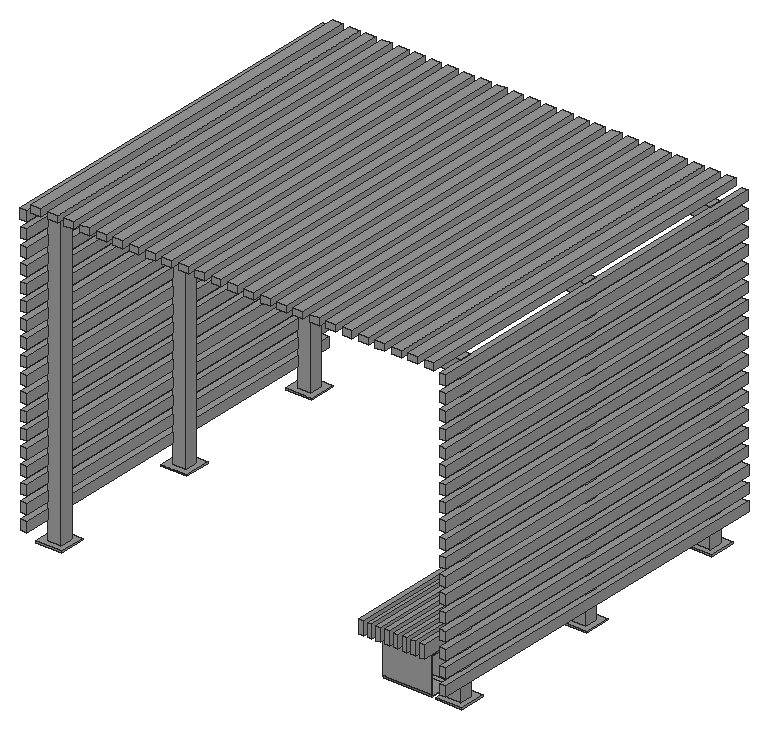
Revit family "Пергола «Мечта» Арт 14000", category Антураж, Revit 2018
Family settings
  На основе рабочей плоскости = Нет
  Всегда вертикально = Да
  При загрузке вырезать с полостями = Нет
  Источник визуального образа = Геометрия семейства
  Общий = Нет
  Точка расчета площади = Нет
Parameters (values of type "Пергола «Мечта». Версия Ангарская сосна")
  Ширина = 2880 mm  # constant formula
  Цвет отделки = Ангарская сосна
  Цвет каркаса = Сталь
  Описание = if(Ангарская сосна, "Пергола «Мечта». Версия Ангарская сосна", "Пергола «Мечта». Версия Лиственница")  # "Пергола «Мечта». Версия Ангарская сосна"
  Материал изделия = "Сталь, дерево"  # constant formula
  Лиственница = not(Ангарская сосна)  # no
  Изображение типоразмера = Пергола «Мечта» Арт 14000.jpg
  Изготовитель = "ООО «Хоббика»"  # constant formula
  Длина = 3250 mm  # constant formula
  Группа модели = "Навесы, перголы и ротонды"  # constant formula
  Высота = 2400 mm  # constant formula
  Артикул товара = "Арт. 14000"  # constant formula
  Ангарская сосна = yes
  URL = "https://hobbyka.ru/product/pergola_mechta/"
Types (3, lengths in mm): name | Цвет отделки | Описание | Лиственница | Ангарская сосна
  (no name) | Ангарская сосна | "Пергола «Мечта». Версия Ангарская сосна" | no | yes
  Пергола «Мечта». Версия Ангарская сосна | Ангарская сосна | "Пергола «Мечта». Версия Ангарская сосна" | no | yes
  Пергола «Мечта». Версия Лиственница | Лиственница | "Пергола «Мечта». Версия Лиственница" | yes | no
Reference planes
  plane 1 "По центру (Вперед/Назад)": y = 0
  plane 2: z = 0
  plane 3 "По центру (Влево/Вправо)": x = 0
  plane 4: y = 2880
  plane 5: x = 3250
  plane 6: z = 2400
Forms (mm)
  Extrusion 1, solid, material "Сталь" <- "Цвет каркаса"
    sketch origin (0, 0, 0) x (1, 0, 0) y (0, 0, 1)
      loop
        line (3200, 2350) -> (50, 2350) -> (50, 0) -> (150, 0) -> (150, 2250) -> (3100, 2250) -> (3100, 0) -> (3200, 0) -> (3200, 2350)
    from -300 to -200
  Extrusion 2, solid, material "Сталь" <- "Цвет каркаса"
    sketch origin (0, 0, 0) x (1, 0, 0) y (0, 0, 1)
      loop
        line (3200, 2350) -> (50, 2350) -> (50, 0) -> (150, 0) -> (150, 2250) -> (3100, 2250) -> (3100, 0) -> (3200, 0) -> (3200, 2350)
    from -2580 to -2680
  Extrusion 3, solid, material "Сталь" <- "Цвет каркаса"
    sketch origin (0, 0, 0) x (1, 0, 0) y (0, 0, 1)
      loop
        line (3200, 2350) -> (50, 2350) -> (50, 0) -> (150, 0) -> (150, 2250) -> (3100, 2250) -> (3100, 0) -> (3200, 0) -> (3200, 2350)
    from -1490 to -1390
  Extrusion 4, solid, material "Ангарская сосна" <- "Цвет отделки"
    sketch origin (0, 0, 0) x (1, 0, 0) y (0, 0, 1)
      loop
        line (50, 2275) -> (50, 2350) -> (0, 2350) -> (0, 2275) -> (50, 2275)
      loop
        line (50, 2150) -> (50, 2225) -> (0, 2225) -> (0, 2150) -> (50, 2150)
      loop
        line (50, 2025) -> (50, 2100) -> (0, 2100) -> (0, 2025) -> (50, 2025)
      loop
        line (50, 1900) -> (50, 1975) -> (0, 1975) -> (0, 1900) -> (50, 1900)
      loop
        line (50, 1775) -> (50, 1850) -> (0, 1850) -> (0, 1775) -> (50, 1775)
      loop
        line (50, 1650) -> (50, 1725) -> (0, 1725) -> (0, 1650) -> (50, 1650)
      loop
        line (50, 1525) -> (50, 1600) -> (0, 1600) -> (0, 1525) -> (50, 1525)
      loop
        line (50, 1400) -> (50, 1475) -> (0, 1475) -> (0, 1400) -> (50, 1400)
      loop
        line (50, 1275) -> (50, 1350) -> (0, 1350) -> (0, 1275) -> (50, 1275)
      loop
        line (50, 1150) -> (50, 1225) -> (0, 1225) -> (0, 1150) -> (50, 1150)
      loop
        line (50, 1025) -> (50, 1100) -> (0, 1100) -> (0, 1025) -> (50, 1025)
      loop
        line (50, 900) -> (50, 975) -> (0, 975) -> (0, 900) -> (50, 900)
      loop
        line (50, 775) -> (50, 850) -> (0, 850) -> (0, 775) -> (50, 775)
      loop
        line (50, 650) -> (50, 725) -> (0, 725) -> (0, 650) -> (50, 650)
      loop
        line (50, 525) -> (50, 600) -> (0, 600) -> (0, 525) -> (50, 525)
      loop
        line (50, 400) -> (50, 475) -> (0, 475) -> (0, 400) -> (50, 400)
      loop
        line (50, 275) -> (50, 350) -> (0, 350) -> (0, 275) -> (50, 275)
      loop
        line (50, 150) -> (50, 225) -> (0, 225) -> (0, 150) -> (50, 150)
      loop
        line (3250, 2275) -> (3250, 2350) -> (3200, 2350) -> (3200, 2275) -> (3250, 2275)
      loop
        line (3250, 2150) -> (3250, 2225) -> (3200, 2225) -> (3200, 2150) -> (3250, 2150)
      loop
        line (3250, 2025) -> (3250, 2100) -> (3200, 2100) -> (3200, 2025) -> (3250, 2025)
      loop
        line (3250, 1900) -> (3250, 1975) -> (3200, 1975) -> (3200, 1900) -> (3250, 1900)
      loop
        line (3250, 1775) -> (3250, 1850) -> (3200, 1850) -> (3200, 1775) -> (3250, 1775)
      loop
        line (3250, 1650) -> (3250, 1725) -> (3200, 1725) -> (3200, 1650) -> (3250, 1650)
      loop
        line (3250, 1525) -> (3250, 1600) -> (3200, 1600) -> (3200, 1525) -> (3250, 1525)
      loop
        line (3250, 1400) -> (3250, 1475) -> (3200, 1475) -> (3200, 1400) -> (3250, 1400)
      loop
        line (3250, 1275) -> (3250, 1350) -> (3200, 1350) -> (3200, 1275) -> (3250, 1275)
      loop
        line (3250, 1150) -> (3250, 1225) -> (3200, 1225) -> (3200, 1150) -> (3250, 1150)
      loop
        line (3250, 1025) -> (3250, 1100) -> (3200, 1100) -> (3200, 1025) -> (3250, 1025)
      loop
        line (3250, 900) -> (3250, 975) -> (3200, 975) -> (3200, 900) -> (3250, 900)
      loop
        line (3250, 775) -> (3250, 850) -> (3200, 850) -> (3200, 775) -> (3250, 775)
      loop
        line (3250, 650) -> (3250, 725) -> (3200, 725) -> (3200, 650) -> (3250, 650)
      loop
        line (3250, 525) -> (3250, 600) -> (3200, 600) -> (3200, 525) -> (3250, 525)
      loop
        line (3250, 400) -> (3250, 475) -> (3200, 475) -> (3200, 400) -> (3250, 400)
      loop
        line (3250, 275) -> (3250, 350) -> (3200, 350) -> (3200, 275) -> (3250, 275)
      loop
        line (3250, 150) -> (3250, 225) -> (3200, 225) -> (3200, 150) -> (3250, 150)
    from 0 to -2880
  Extrusion 5, solid, material "Ангарская сосна" <- "Цвет отделки"
    sketch origin (280, 0, 0) x (1, 0, 0) y (0, 0, 1)
      loop
        line (-122.5, 2400) -> (-197.5, 2400) -> (-197.5, 2350) -> (-122.5, 2350) -> (-122.5, 2400)
      loop
        line (2.5, 2400) -> (-72.5, 2400) -> (-72.5, 2350) -> (2.5, 2350) -> (2.5, 2400)
      loop
        line (127.5, 2400) -> (52.5, 2400) -> (52.5, 2350) -> (127.5, 2350) -> (127.5, 2400)
      loop
        line (252.5, 2400) -> (177.5, 2400) -> (177.5, 2350) -> (252.5, 2350) -> (252.5, 2400)
      loop
        line (377.5, 2400) -> (302.5, 2400) -> (302.5, 2350) -> (377.5, 2350) -> (377.5, 2400)
      loop
        line (502.5, 2400) -> (427.5, 2400) -> (427.5, 2350) -> (502.5, 2350) -> (502.5, 2400)
      loop
        line (627.5, 2400) -> (552.5, 2400) -> (552.5, 2350) -> (627.5, 2350) -> (627.5, 2400)
      loop
        line (752.5, 2400) -> (677.5, 2400) -> (677.5, 2350) -> (752.5, 2350) -> (752.5, 2400)
      loop
        line (877.5, 2400) -> (802.5, 2400) -> (802.5, 2350) -> (877.5, 2350) -> (877.5, 2400)
      loop
        line (1002.5, 2400) -> (927.5, 2400) -> (927.5, 2350) -> (1002.5, 2350) -> (1002.5, 2400)
      loop
        line (1127.5, 2400) -> (1052.5, 2400) -> (1052.5, 2350) -> (1127.5, 2350) -> (1127.5, 2400)
      loop
        line (1252.5, 2400) -> (1177.5, 2400) -> (1177.5, 2350) -> (1252.5, 2350) -> (1252.5, 2400)
      loop
        line (1377.5, 2400) -> (1302.5, 2400) -> (1302.5, 2350) -> (1377.5, 2350) -> (1377.5, 2400)
      loop
        line (1502.5, 2400) -> (1427.5, 2400) -> (1427.5, 2350) -> (1502.5, 2350) -> (1502.5, 2400)
      loop
        line (1627.5, 2400) -> (1552.5, 2400) -> (1552.5, 2350) -> (1627.5, 2350) -> (1627.5, 2400)
      loop
        line (1752.5, 2400) -> (1677.5, 2400) -> (1677.5, 2350) -> (1752.5, 2350) -> (1752.5, 2400)
      loop
        line (1877.5, 2400) -> (1802.5, 2400) -> (1802.5, 2350) -> (1877.5, 2350) -> (1877.5, 2400)
      loop
        line (2002.5, 2400) -> (1927.5, 2400) -> (1927.5, 2350) -> (2002.5, 2350) -> (2002.5, 2400)
      loop
        line (2127.5, 2400) -> (2052.5, 2400) -> (2052.5, 2350) -> (2127.5, 2350) -> (2127.5, 2400)
      loop
        line (2252.5, 2400) -> (2177.5, 2400) -> (2177.5, 2350) -> (2252.5, 2350) -> (2252.5, 2400)
      loop
        line (2377.5, 2400) -> (2302.5, 2400) -> (2302.5, 2350) -> (2377.5, 2350) -> (2377.5, 2400)
      loop
        line (2502.5, 2400) -> (2427.5, 2400) -> (2427.5, 2350) -> (2502.5, 2350) -> (2502.5, 2400)
      loop
        line (2627.5, 2400) -> (2552.5, 2400) -> (2552.5, 2350) -> (2627.5, 2350) -> (2627.5, 2400)
      loop
        line (2752.5, 2400) -> (2677.5, 2400) -> (2677.5, 2350) -> (2752.5, 2350) -> (2752.5, 2400)
      loop
        line (2877.5, 2400) -> (2802.5, 2400) -> (2802.5, 2350) -> (2877.5, 2350) -> (2877.5, 2400)
    from 0 to -2880
  Extrusion 6, solid, material "Сталь" <- "Цвет каркаса"
    sketch origin (0, 0, 0) x (1, 0, 0) y (0, 1, 0)
      loop
        line (0, 2730) -> (0, 2530) -> (200, 2530) -> (200, 2730) -> (0, 2730)
      loop
        line (0, 1540) -> (0, 1340) -> (200, 1340) -> (200, 1540) -> (0, 1540)
      loop
        line (0, 350) -> (0, 150) -> (200, 150) -> (200, 350) -> (0, 350)
      loop
        line (3050, 2730) -> (3050, 2530) -> (3250, 2530) -> (3250, 2730) -> (3050, 2730)
      loop
        line (3050, 1540) -> (3050, 1340) -> (3250, 1340) -> (3250, 1540) -> (3050, 1540)
      loop
        line (3050, 350) -> (3050, 150) -> (3250, 150) -> (3250, 350) -> (3050, 350)
    from 0 to 10
  Extrusion 7, solid, material "Ангарская сосна" <- "Цвет отделки"
    sketch origin (280, 0, -2080) x (1, 0, 0) y (0, 0, 1)
      loop
        line (2802.5, 2530) -> (2767.5, 2530) -> (2767.5, 2430) -> (2802.5, 2430) -> (2802.5, 2530)
    from 0 to -2880
  Extrusion 8, solid, material "Ангарская сосна" <- "Цвет отделки"
    sketch origin (-185, 0, -2080) x (1, 0, 0) y (0, 0, 1)
      loop
        line (2802.5, 2530) -> (2767.5, 2530) -> (2767.5, 2430) -> (2802.5, 2430) -> (2802.5, 2530)
    from 0 to -2880
  Extrusion 9, solid, material "Ангарская сосна" <- "Цвет отделки"
    sketch origin (213.571, 0, -2080) x (1, 0, 0) y (0, 0, 1)
      loop
        line (2802.5, 2530) -> (2767.5, 2530) -> (2767.5, 2430) -> (2802.5, 2430) -> (2802.5, 2530)
    from 0 to -2880
  Extrusion 10, solid, material "Ангарская сосна" <- "Цвет отделки"
    sketch origin (147.143, 0, -2080) x (1, 0, 0) y (0, 0, 1)
      loop
        line (2802.5, 2530) -> (2767.5, 2530) -> (2767.5, 2430) -> (2802.5, 2430) -> (2802.5, 2530)
    from 0 to -2880
  Extrusion 11, solid, material "Ангарская сосна" <- "Цвет отделки"
    sketch origin (80.714, 0, -2080) x (1, 0, 0) y (0, 0, 1)
      loop
        line (2802.5, 2530) -> (2767.5, 2530) -> (2767.5, 2430) -> (2802.5, 2430) -> (2802.5, 2530)
    from 0 to -2880
  Extrusion 12, solid, material "Ангарская сосна" <- "Цвет отделки"
    sketch origin (14.286, 0, -2080) x (1, 0, 0) y (0, 0, 1)
      loop
        line (2802.5, 2530) -> (2767.5, 2530) -> (2767.5, 2430) -> (2802.5, 2430) -> (2802.5, 2530)
    from 0 to -2880
  Extrusion 13, solid, material "Ангарская сосна" <- "Цвет отделки"
    sketch origin (-52.143, 0, -2080) x (1, 0, 0) y (0, 0, 1)
      loop
        line (2802.5, 2530) -> (2767.5, 2530) -> (2767.5, 2430) -> (2802.5, 2430) -> (2802.5, 2530)
    from 0 to -2880
  Extrusion 14, solid, material "Ангарская сосна" <- "Цвет отделки"
    sketch origin (-118.571, 0, -2080) x (1, 0, 0) y (0, 0, 1)
      loop
        line (2802.5, 2530) -> (2767.5, 2530) -> (2767.5, 2430) -> (2802.5, 2430) -> (2802.5, 2530)
    from 0 to -2880
  Extrusion 15, solid, material "Сталь" <- "Цвет каркаса"
    sketch origin (0, 0, 0) x (0, 1, 0) y (0, 0, 1)
      loop
        arc (150, 20) -> (155.858, 5.858) -> (170, 0) r 20
        line (170, 0) -> (330, 0)
        arc (330, 0) -> (344.142, 5.858) -> (350, 20) r 20
        line (350, 20) -> (350, 330)
        arc (350, 330) -> (344.142, 344.142) -> (330, 350) r 20
        line (330, 350) -> (170, 350)
        arc (170, 350) -> (155.858, 344.142) -> (150, 330) r 20
        line (150, 330) -> (150, 20)
      loop
        line (330, 345) -> (170, 345)
        arc (170, 345) -> (159.393, 340.607) -> (155, 330) r 15
        line (155, 330) -> (155, 20)
        arc (155, 20) -> (159.393, 9.393) -> (170, 5) r 15
        line (170, 5) -> (330, 5)
        arc (330, 5) -> (340.607, 9.393) -> (345, 20) r 15
        line (345, 20) -> (345, 330)
        arc (345, 330) -> (340.607, 340.607) -> (330, 345) r 15
      loop
        arc (2530, 20) -> (2535.858, 5.858) -> (2550, 0) r 20
        line (2550, 0) -> (2710, 0)
        arc (2710, 0) -> (2724.142, 5.858) -> (2730, 20) r 20
        line (2730, 20) -> (2730, 330)
        arc (2730, 330) -> (2724.142, 344.142) -> (2710, 350) r 20
        line (2710, 350) -> (2550, 350)
        arc (2550, 350) -> (2535.858, 344.142) -> (2530, 330) r 20
        line (2530, 330) -> (2530, 20)
      loop
        line (2710, 345) -> (2550, 345)
        arc (2550, 345) -> (2539.393, 340.607) -> (2535, 330) r 15
        line (2535, 330) -> (2535, 20)
        arc (2535, 20) -> (2539.393, 9.393) -> (2550, 5) r 15
        line (2550, 5) -> (2710, 5)
        arc (2710, 5) -> (2720.607, 9.393) -> (2725, 20) r 15
        line (2725, 20) -> (2725, 330)
        arc (2725, 330) -> (2720.607, 340.607) -> (2710, 345) r 15
    from 2582.5 to 3082.5
  Extrusion 16, void
    sketch origin (0, 0, 0) x (1, 0, 0) y (0, 0, 1)
      loop
        line (2582.5, 0) -> (2648.929, 0) -> (2648.929, 278.571) -> (2582.5, 345) -> (2582.5, 0)
      loop
        line (3082.5, 0) -> (3082.5, 345) -> (3016.071, 278.571) -> (3016.071, 0) -> (3082.5, 0)
    from -2880 to 0
Cuts and joins
  Extrusion 16 cuts Extrusion 15
Dimensions and locks
  "Высота": plane 6 to plane 2
  "Длина": plane 3 "По центру (Влево/Вправо)" to plane 5
  "Ширина": plane 4 to plane 1 "По центру (Вперед/Назад)"
  aligned and locked: level to plane 2
Automatic sketch dimensions
  Extrusion 1 sketch curve to level = 0 mm  (x2)
  plane 3 "По центру (Влево/Вправо)" to Extrusion 1 sketch curve = 50 mm
  Extrusion 1 sketch curve to Extrusion 1 sketch curve = 100 mm
  Extrusion 1 sketch curve to plane 5 = 150 mm
  Extrusion 1 sketch curve to plane 5 = 50 mm
  Extrusion 1 sketch curve to plane 6 = 150 mm
  Extrusion 1 sketch curve to plane 6 = 50 mm
  Extrusion 2 sketch curve to level = 0 mm  (x2)
  plane 3 "По центру (Влево/Вправо)" to Extrusion 2 sketch curve = 50 mm
  Extrusion 2 sketch curve to Extrusion 2 sketch curve = 100 mm
  Extrusion 2 sketch curve to plane 5 = 150 mm
  Extrusion 2 sketch curve to plane 5 = 50 mm
  Extrusion 2 sketch curve to plane 6 = 150 mm
  Extrusion 2 sketch curve to plane 6 = 50 mm
  Extrusion 3 sketch curve to level = 0 mm  (x2)
  plane 3 "По центру (Влево/Вправо)" to Extrusion 3 sketch curve = 50 mm
  Extrusion 3 sketch curve to Extrusion 3 sketch curve = 100 mm
  Extrusion 3 sketch curve to plane 5 = 150 mm
  Extrusion 3 sketch curve to plane 5 = 50 mm
  Extrusion 3 sketch curve to plane 6 = 150 mm
  Extrusion 3 sketch curve to plane 6 = 50 mm
  Extrusion 4 sketch curve to plane 3 "По центру (Влево/Вправо)" = 0 mm  (x18)
  Extrusion 4 sketch curve to plane 5 = 0 mm  (x18)
  Extrusion 4 sketch curve to Extrusion 4 sketch curve = 50 mm  (x67)
  Extrusion 4 sketch curve to Extrusion 4 sketch curve = 0 mm  (x2)
  plane 3 "По центру (Влево/Вправо)" to Extrusion 4 sketch curve = 50 mm
  level to Extrusion 4 sketch curve = 150 mm  (x2)
  Extrusion 4 sketch curve to Extrusion 4 sketch curve = 75 mm  (x34)
  Extrusion 4 sketch curve to plane 6 = 50 mm  (x2)
  Extrusion 5 sketch curve to plane 6 = 0 mm  (x25)
  plane 3 "По центру (Влево/Вправо)" to Extrusion 5 sketch curve = 82.5 mm
  Extrusion 5 sketch curve to Extrusion 5 sketch curve = 75 mm  (x25)
  Extrusion 5 sketch curve to Extrusion 5 sketch curve = 50 mm  (x49)
  Extrusion 6 sketch curve to plane 3 "По центру (Влево/Вправо)" = 0 mm  (x3)
  Extrusion 6 sketch curve to plane 5 = 0 mm  (x3)
  plane 3 "По центру (Влево/Вправо)" to Extrusion 6 sketch curve = 200 mm  (x3)
  Extrusion 6 sketch curve to Extrusion 6 sketch curve = 200 mm  (x7)
  Extrusion 6 sketch curve to plane 1 "По центру (Вперед/Назад)" = 150 mm  (x2)
  Extrusion 6 sketch curve to Extrusion 6 sketch curve = 990 mm  (x2)
  Extrusion 6 sketch curve to plane 4 = 350 mm  (x2)
  Extrusion 6 sketch curve to plane 4 = 150 mm  (x2)
  Extrusion 7 sketch curve to Extrusion 7 sketch curve = 35 mm
  Extrusion 7 sketch curve to Extrusion 7 sketch curve = 100 mm
  Extrusion 8 sketch curve to Extrusion 8 sketch curve = 35 mm
  Extrusion 8 sketch curve to Extrusion 8 sketch curve = 100 mm
  Extrusion 9 sketch curve to Extrusion 9 sketch curve = 35 mm
  Extrusion 9 sketch curve to Extrusion 9 sketch curve = 100 mm
  Extrusion 10 sketch curve to Extrusion 10 sketch curve = 35 mm
  Extrusion 10 sketch curve to Extrusion 10 sketch curve = 100 mm
  Extrusion 11 sketch curve to Extrusion 11 sketch curve = 35 mm
  Extrusion 11 sketch curve to Extrusion 11 sketch curve = 100 mm
  Extrusion 12 sketch curve to Extrusion 12 sketch curve = 35 mm
  Extrusion 12 sketch curve to Extrusion 12 sketch curve = 100 mm
  Extrusion 13 sketch curve to Extrusion 13 sketch curve = 35 mm
  Extrusion 13 sketch curve to Extrusion 13 sketch curve = 100 mm
  Extrusion 14 sketch curve to Extrusion 14 sketch curve = 35 mm
  Extrusion 14 sketch curve to Extrusion 14 sketch curve = 100 mm
  Extrusion 7 sketch curve to plane 5 = 202.5 mm
  level to Extrusion 7 sketch curve = 350 mm
  Extrusion 8 sketch curve to plane 5 = 667.5 mm
  level to Extrusion 8 sketch curve = 350 mm
  Extrusion 9 sketch curve to plane 5 = 268.929 mm
  level to Extrusion 9 sketch curve = 350 mm
  Extrusion 10 sketch curve to plane 5 = 335.357 mm
  level to Extrusion 10 sketch curve = 350 mm
  Extrusion 11 sketch curve to plane 5 = 401.786 mm
  level to Extrusion 11 sketch curve = 350 mm
  Extrusion 12 sketch curve to plane 5 = 468.214 mm
  level to Extrusion 12 sketch curve = 350 mm
  Extrusion 13 sketch curve to plane 5 = 534.643 mm
  level to Extrusion 13 sketch curve = 350 mm
  Extrusion 14 sketch curve to plane 5 = 601.071 mm
  level to Extrusion 14 sketch curve = 350 mm
  Extrusion 15 sketch curve to Extrusion 15 sketch curve = 0 mm  (x16)
  Extrusion 15 sketch curve to level = 0 mm
  level to Extrusion 15 sketch curve = 0 mm
  level to Extrusion 15 sketch curve = 20 mm  (x4)
  Extrusion 15 sketch curve to plane 1 "По центру (Вперед/Назад)" = 150 mm
  Extrusion 15 sketch curve to Extrusion 15 sketch curve = 5 mm  (x2)
  Extrusion 15 sketch curve to Extrusion 15 sketch curve = 15 mm  (x2)
  Extrusion 15 sketch curve to Extrusion 15 sketch curve = 160 mm  (x4)
  Extrusion 15 sketch curve to plane 4 = 350 mm
  Extrusion 15 sketch curve to Extrusion 15 sketch curve = 310 mm  (x2)
  Extrusion 16 sketch curve to level = 0 mm  (x2)
  Extrusion 16 sketch curve to plane 5 = 667.5 mm
  Extrusion 16 sketch curve to Extrusion 16 sketch curve = 66.429 mm  (x4)
  Extrusion 16 sketch curve to plane 5 = 233.929 mm
  Extrusion 16 sketch curve to Extrusion 16 sketch curve = 278.571 mm
  level to Extrusion 16 sketch curve = 278.571 mm
